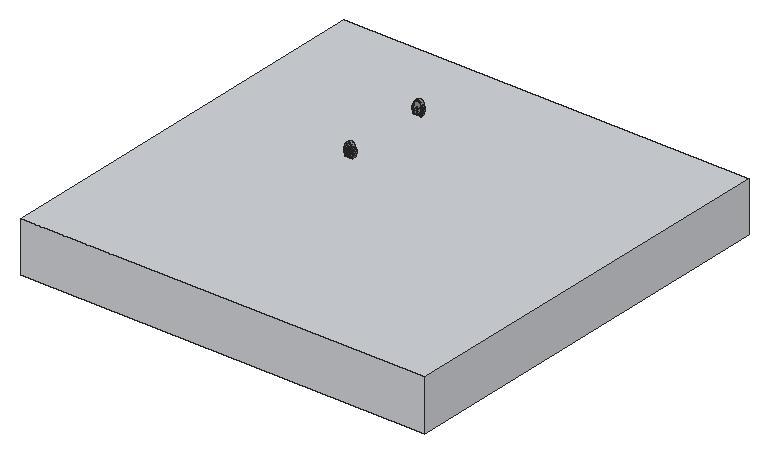
Revit family "Trade II Easy Lock", category Обобщенные модели, Revit 2017
Family settings
  Основа = Грань
  Может служить основой для арматурных стержней = Нет
  Размер круглого соединителя = Использовать диаметр
  Тип детали = Нормальный
  При загрузке вырезать с полостями = Нет
  Общий = Нет
  Точка расчета площади = Нет
Parameters
  Расстояние от светильника до плоскости = Расстояние до плоскости + 72 mm  # 422 mm
  Расстояние до плоскости = 350 mm
  Default Elevation = 1219.2 mm
  Начало профиля = 249.976 mm
  Конец профиля = 250.024 mm
Reference planes
  plane 1 "По центру (Вперед/Назад)": y = 0
  plane 2: z = 0
  plane 3 "По центру (Влево/Вправо)": x = 0
  plane 4 "Плоскость низа светильника": z = 350
Forms (mm)
  Extrusion 1, solid
    sketch origin (0, 0, 0) x (1, 0, 0) y (0, 1, 0)
      loop
        line (-1219.2, 1219.2) -> (-1219.2, -1219.2) -> (1219.2, -1219.2) -> (1219.2, 1219.2) -> (-1219.2, 1219.2)
    from 0 to -304.8
  Extrusion 2, solid, material "Поликарбонат, прозрачный"
    sketch origin (0, -398.223, 350) x (0, -1, 0) y (1, 0, 0)
      loop
        line (-148.236, -5.649) -> (-130.236, -5.649) -> (-130.236, 5.625) -> (-148.236, 5.625) -> (-148.236, -5.649)
      loop
        line (-648.236, 5.625) -> (-666.236, 5.625) -> (-666.236, -5.649) -> (-648.236, -5.649) -> (-648.236, 5.625)
    from 0 to -2
  Extrusion 3, solid, material "Поликарбонат, прозрачный"
    sketch origin (5.625, 268.013, 350) x (-1, 0, 0) y (0, 0, 1)
      loop
        arc (28.697, 49.657) -> (21.525, 65.194) -> (5.63, 71.533) r 23.1
        arc (5.63, 71.533) -> (-10.266, 65.194) -> (-17.438, 49.657) r 23.1
        arc (-17.438, 49.657) -> (-19.62, 45.831) -> (-19.639, 41.427) r 8.666
        arc (-19.639, 41.427) -> (-19.083, 38.06) -> (-21.255, 35.429) r 4.12
        line (-21.255, 35.429) -> (-24.425, 33.883)
        arc (-24.425, 33.883) -> (-25.811, 32.581) -> (-26.322, 30.75) r 3.536
        line (-26.322, 30.75) -> (-26.322, 22.479) -> (-26.322, 14.208)
        arc (-26.322, 14.208) -> (-25.811, 12.377) -> (-24.425, 11.075) r 3.536
        line (-24.425, 11.075) -> (-21.249, 9.534)
        arc (-21.249, 9.534) -> (-19.072, 6.893) -> (-19.641, 3.519) r 4.12
        arc (-19.641, 3.519) -> (-20.809, -0.574) -> (-19.361, -4.575) r 6.919
        arc (-19.361, -4.575) -> (-18.366, -6.977) -> (-15.964, -7.972) r 3.397
        line (-15.964, -7.972) -> (0.973, -7.972)
        arc (0.973, -7.972) -> (1.694, -7.673) -> (1.993, -6.952) r 1.02
        line (1.993, -6.952) -> (1.993, -2) -> (-0.007, -2) -> (-0.007, -5.972) -> (-15.964, -5.972)
        arc (-15.964, -5.972) -> (-16.714, -5.754) -> (-17.229, -5.168) r 1.397
        arc (-17.229, -5.168) -> (-17.414, -4.504) -> (-17.37, -3.815) r 2.071
        arc (-17.37, -3.815) -> (-18.79, -0.816) -> (-17.982, 2.402) r 4.919
        arc (-17.982, 2.402) -> (-17.141, 7.413) -> (-20.375, 11.333) r 6.12
        line (-20.375, 11.333) -> (-23.519, 12.859)
        arc (-23.519, 12.859) -> (-24.106, 13.423) -> (-24.322, 14.208) r 1.536
        line (-24.322, 14.208) -> (-24.322, 22.479) -> (-24.322, 30.75)
        arc (-24.322, 30.75) -> (-24.106, 31.536) -> (-23.518, 32.1) r 1.536
        line (-23.518, 32.1) -> (-20.378, 33.631)
        arc (-20.378, 33.631) -> (-17.207, 37.349) -> (-17.768, 42.204) r 6.12
        arc (-17.768, 42.204) -> (-17.537, 45.801) -> (-15.468, 48.752) r 6.666
        arc (-15.468, 48.752) -> (-9.177, 63.465) -> (5.63, 69.533) r 21.1
        arc (5.63, 69.533) -> (20.437, 63.465) -> (26.728, 48.752) r 21.1
        arc (26.728, 48.752) -> (28.797, 45.801) -> (29.028, 42.204) r 6.666
        arc (29.028, 42.204) -> (28.466, 37.349) -> (31.638, 33.631) r 6.12
        line (31.638, 33.631) -> (34.778, 32.1)
        arc (34.778, 32.1) -> (35.366, 31.536) -> (35.582, 30.75) r 1.536
        line (35.582, 30.75) -> (35.582, 22.479) -> (35.582, 14.208)
        arc (35.582, 14.208) -> (35.366, 13.423) -> (34.779, 12.859) r 1.536
        line (34.779, 12.859) -> (31.635, 11.333)
        arc (31.635, 11.333) -> (28.401, 7.413) -> (29.242, 2.402) r 6.12
        arc (29.242, 2.402) -> (30.05, -0.816) -> (28.63, -3.815) r 4.919
        arc (28.63, -3.815) -> (28.674, -4.504) -> (28.489, -5.168) r 2.071
        arc (28.489, -5.168) -> (27.974, -5.754) -> (27.224, -5.972) r 1.397
        line (27.224, -5.972) -> (11.267, -5.972) -> (11.267, -2) -> (9.267, -2) -> (9.267, -6.952)
        arc (9.267, -6.952) -> (9.566, -7.673) -> (10.287, -7.972) r 1.02
        line (10.287, -7.972) -> (27.224, -7.972)
        arc (27.224, -7.972) -> (29.626, -6.977) -> (30.621, -4.575) r 3.397
        arc (30.621, -4.575) -> (32.069, -0.574) -> (30.901, 3.519) r 6.919
        arc (30.901, 3.519) -> (30.332, 6.893) -> (32.509, 9.534) r 4.12
        line (32.509, 9.534) -> (35.685, 11.075)
        arc (35.685, 11.075) -> (37.071, 12.377) -> (37.582, 14.208) r 3.536
        line (37.582, 14.208) -> (37.582, 22.479) -> (37.582, 30.75)
        arc (37.582, 30.75) -> (37.071, 32.581) -> (35.685, 33.883) r 3.536
        line (35.685, 33.883) -> (32.515, 35.429)
        arc (32.515, 35.429) -> (30.343, 38.06) -> (30.899, 41.427) r 4.12
        arc (30.899, 41.427) -> (30.88, 45.831) -> (28.697, 49.657) r 8.666
    from 0 to -18
  Extrusion 4, solid, material "Каучук, черный"
    sketch origin (5.625, 250.013, 350) x (1, 0, 0) y (0, 0, 1)
      loop
        line (15.644, 22.479) -> (15.644, 27.454)
        arc (15.644, 27.454) -> (15.416, 28.602) -> (14.765, 29.576) r 3
        line (14.765, 29.576) -> (8.99, 35.35)
        arc (8.99, 35.35) -> (8.017, 36.001) -> (6.869, 36.229) r 3
        line (6.869, 36.229) -> (0.949, 36.229)
        arc (0.949, 36.229) -> (-1.526, 35.204) -> (-2.551, 32.729) r 3.5
        line (-2.551, 32.729) -> (-2.551, 22.479) -> (-2.551, 12.229)
        arc (-2.551, 12.229) -> (-1.526, 9.754) -> (0.949, 8.729) r 3.5
        line (0.949, 8.729) -> (6.869, 8.729)
        arc (6.869, 8.729) -> (8.017, 8.957) -> (8.99, 9.608) r 3
        line (8.99, 9.608) -> (14.765, 15.382)
        arc (14.765, 15.382) -> (15.416, 16.356) -> (15.644, 17.504) r 3
        line (15.644, 17.504) -> (15.644, 22.479)
      loop
        line (7.445, 30.435) -> (0.889, 30.435) -> (0.889, 27.559) -> (7.445, 27.559) -> (7.445, 30.435)
      loop
        line (7.445, 14.523) -> (7.445, 17.399) -> (0.889, 17.399) -> (0.889, 14.523) -> (7.445, 14.523)
      loop
        line (12.774, 21.041) -> (12.774, 23.917) -> (6.218, 23.917) -> (6.218, 21.041) -> (12.774, 21.041)
      loop
        line (-26.918, 22.479) -> (-26.918, 17.504)
        arc (-26.918, 17.504) -> (-26.689, 16.356) -> (-26.039, 15.382) r 3
        line (-26.039, 15.382) -> (-20.264, 9.608)
        arc (-20.264, 9.608) -> (-19.291, 8.957) -> (-18.143, 8.729) r 3
        line (-18.143, 8.729) -> (-12.223, 8.729)
        arc (-12.223, 8.729) -> (-9.748, 9.754) -> (-8.723, 12.229) r 3.5
        line (-8.723, 12.229) -> (-8.723, 22.479) -> (-8.723, 32.729)
        arc (-8.723, 32.729) -> (-9.748, 35.204) -> (-12.223, 36.229) r 3.5
        line (-12.223, 36.229) -> (-18.143, 36.229)
        arc (-18.143, 36.229) -> (-19.291, 36.001) -> (-20.264, 35.35) r 3
        line (-20.264, 35.35) -> (-26.039, 29.576)
        arc (-26.039, 29.576) -> (-26.689, 28.602) -> (-26.918, 27.454) r 3
        line (-26.918, 27.454) -> (-26.918, 22.479)
      loop
        line (-18.719, 30.435) -> (-18.719, 27.559) -> (-12.163, 27.559) -> (-12.163, 30.435) -> (-18.719, 30.435)
      loop
        line (-18.719, 14.523) -> (-12.163, 14.523) -> (-12.163, 17.399) -> (-18.719, 17.399) -> (-18.719, 14.523)
      loop
        line (-24.048, 21.041) -> (-17.491, 21.041) -> (-17.491, 23.917) -> (-24.048, 23.917) -> (-24.048, 21.041)
    from -1 to -15
  Extrusion 5, solid, material "Поликарбонат, прозрачный"
    sketch origin (5.625, 250.013, 350) x (1, 0, 0) y (0, 0, 1)
      loop
        arc (15.461, 48.752) -> (9.17, 63.465) -> (-5.637, 69.533) r 21.1
        arc (-5.637, 69.533) -> (-20.444, 63.465) -> (-26.734, 48.752) r 21.1
        arc (-26.734, 48.752) -> (-28.804, 45.801) -> (-29.035, 42.204) r 6.666
        arc (-29.035, 42.204) -> (-28.473, 37.349) -> (-31.645, 33.631) r 6.12
        line (-31.645, 33.631) -> (-34.785, 32.1)
        arc (-34.785, 32.1) -> (-35.373, 31.536) -> (-35.589, 30.75) r 1.536
        line (-35.589, 30.75) -> (-35.589, 22.479) -> (-35.589, 14.208)
        arc (-35.589, 14.208) -> (-35.373, 13.423) -> (-34.786, 12.859) r 1.536
        line (-34.786, 12.859) -> (-31.642, 11.333)
        arc (-31.642, 11.333) -> (-28.408, 7.413) -> (-29.249, 2.402) r 6.12
        arc (-29.249, 2.402) -> (-30.057, -0.816) -> (-28.637, -3.815) r 4.919
        arc (-28.637, -3.815) -> (-28.681, -4.504) -> (-28.496, -5.168) r 2.071
        arc (-28.496, -5.168) -> (-27.981, -5.754) -> (-27.231, -5.972) r 1.397
        line (-27.231, -5.972) -> (-11.274, -5.972) -> (-11.274, 0) -> (-5.637, 0) -> (0, 0) -> (0, -5.972) -> (15.957, -5.972)
        arc (15.957, -5.972) -> (16.707, -5.754) -> (17.222, -5.168) r 1.397
        arc (17.222, -5.168) -> (17.407, -4.504) -> (17.363, -3.815) r 2.071
        arc (17.363, -3.815) -> (18.783, -0.816) -> (17.975, 2.402) r 4.919
        arc (17.975, 2.402) -> (17.134, 7.413) -> (20.368, 11.333) r 6.12
        line (20.368, 11.333) -> (23.512, 12.859)
        arc (23.512, 12.859) -> (24.099, 13.423) -> (24.315, 14.208) r 1.536
        line (24.315, 14.208) -> (24.315, 22.479) -> (24.315, 30.75)
        arc (24.315, 30.75) -> (24.099, 31.536) -> (23.511, 32.1) r 1.536
        line (23.511, 32.1) -> (20.371, 33.631)
        arc (20.371, 33.631) -> (17.2, 37.349) -> (17.761, 42.204) r 6.12
        arc (17.761, 42.204) -> (17.53, 45.801) -> (15.461, 48.752) r 6.666
    from 0 to -1
  Extrusion 6, solid, material "Поликарбонат, прозрачный"
    sketch origin (-5.649, -267.987, 350) x (1, 0, 0) y (0, 0, 1)
      loop
        arc (-17.424, 49.657) -> (-19.606, 45.831) -> (-19.625, 41.427) r 8.666
        arc (-19.625, 41.427) -> (-19.069, 38.06) -> (-21.241, 35.429) r 4.12
        line (-21.241, 35.429) -> (-24.411, 33.883)
        arc (-24.411, 33.883) -> (-25.797, 32.581) -> (-26.308, 30.75) r 3.536
        line (-26.308, 30.75) -> (-26.308, 22.479) -> (-26.308, 14.208)
        arc (-26.308, 14.208) -> (-25.797, 12.377) -> (-24.411, 11.075) r 3.536
        line (-24.411, 11.075) -> (-21.236, 9.534)
        arc (-21.236, 9.534) -> (-19.059, 6.893) -> (-19.627, 3.519) r 4.12
        arc (-19.627, 3.519) -> (-20.796, -0.574) -> (-19.347, -4.575) r 6.919
        arc (-19.347, -4.575) -> (-18.352, -6.977) -> (-15.951, -7.972) r 3.397
        line (-15.951, -7.972) -> (0.987, -7.972)
        arc (0.987, -7.972) -> (1.708, -7.673) -> (2.007, -6.952) r 1.02
        line (2.007, -6.952) -> (2.007, -2) -> (0.007, -2) -> (0.007, -5.972) -> (-15.951, -5.972)
        arc (-15.951, -5.972) -> (-16.7, -5.754) -> (-17.215, -5.168) r 1.397
        arc (-17.215, -5.168) -> (-17.4, -4.504) -> (-17.356, -3.815) r 2.071
        arc (-17.356, -3.815) -> (-18.776, -0.816) -> (-17.968, 2.402) r 4.919
        arc (-17.968, 2.402) -> (-17.127, 7.413) -> (-20.361, 11.333) r 6.12
        line (-20.361, 11.333) -> (-23.505, 12.859)
        arc (-23.505, 12.859) -> (-24.092, 13.423) -> (-24.308, 14.208) r 1.536
        line (-24.308, 14.208) -> (-24.308, 22.479) -> (-24.308, 30.75)
        arc (-24.308, 30.75) -> (-24.092, 31.536) -> (-23.504, 32.1) r 1.536
        line (-23.504, 32.1) -> (-20.364, 33.631)
        arc (-20.364, 33.631) -> (-17.193, 37.349) -> (-17.754, 42.204) r 6.12
        arc (-17.754, 42.204) -> (-17.523, 45.801) -> (-15.454, 48.752) r 6.666
        arc (-15.454, 48.752) -> (-9.163, 63.465) -> (5.644, 69.533) r 21.1
        arc (5.644, 69.533) -> (20.451, 63.465) -> (26.741, 48.752) r 21.1
        arc (26.741, 48.752) -> (28.811, 45.801) -> (29.042, 42.204) r 6.666
        arc (29.042, 42.204) -> (28.48, 37.349) -> (31.652, 33.631) r 6.12
        line (31.652, 33.631) -> (34.792, 32.1)
        arc (34.792, 32.1) -> (35.38, 31.536) -> (35.596, 30.75) r 1.536
        line (35.596, 30.75) -> (35.596, 22.479) -> (35.596, 14.208)
        arc (35.596, 14.208) -> (35.38, 13.423) -> (34.793, 12.859) r 1.536
        line (34.793, 12.859) -> (31.649, 11.333)
        arc (31.649, 11.333) -> (28.415, 7.413) -> (29.256, 2.402) r 6.12
        arc (29.256, 2.402) -> (30.064, -0.816) -> (28.644, -3.815) r 4.919
        arc (28.644, -3.815) -> (28.688, -4.504) -> (28.503, -5.168) r 2.071
        arc (28.503, -5.168) -> (27.988, -5.754) -> (27.238, -5.972) r 1.397
        line (27.238, -5.972) -> (11.281, -5.972) -> (11.281, -2) -> (9.281, -2) -> (9.281, -6.952)
        arc (9.281, -6.952) -> (9.579, -7.673) -> (10.301, -7.972) r 1.02
        line (10.301, -7.972) -> (27.238, -7.972)
        arc (27.238, -7.972) -> (29.64, -6.977) -> (30.635, -4.575) r 3.397
        arc (30.635, -4.575) -> (32.083, -0.574) -> (30.915, 3.519) r 6.919
        arc (30.915, 3.519) -> (30.346, 6.893) -> (32.523, 9.534) r 4.12
        line (32.523, 9.534) -> (35.699, 11.075)
        arc (35.699, 11.075) -> (37.085, 12.377) -> (37.596, 14.208) r 3.536
        line (37.596, 14.208) -> (37.596, 22.479) -> (37.596, 30.75)
        arc (37.596, 30.75) -> (37.085, 32.581) -> (35.699, 33.883) r 3.536
        line (35.699, 33.883) -> (32.529, 35.429)
        arc (32.529, 35.429) -> (30.357, 38.06) -> (30.913, 41.427) r 4.12
        arc (30.913, 41.427) -> (30.894, 45.831) -> (28.711, 49.657) r 8.666
        arc (28.711, 49.657) -> (21.539, 65.194) -> (5.644, 71.533) r 23.1
        arc (5.644, 71.533) -> (-10.252, 65.194) -> (-17.424, 49.657) r 23.1
    from 0 to -18
  Extrusion 7, solid, material "Поликарбонат, прозрачный"
    sketch origin (-5.649, -249.987, 350) x (1, 0, 0) y (0, 0, -1)
      loop
        line (11.281, 5.972) -> (11.274, 2) -> (11.274, 0) -> (0, 0) -> (0.007, 2) -> (0.007, 5.972) -> (-15.951, 5.972)
        arc (-15.951, 5.972) -> (-16.7, 5.754) -> (-17.215, 5.168) r 1.397
        arc (-17.215, 5.168) -> (-17.4, 4.504) -> (-17.356, 3.815) r 2.071
        arc (-17.356, 3.815) -> (-18.776, 0.816) -> (-17.968, -2.402) r 4.919
        arc (-17.968, -2.402) -> (-17.127, -7.413) -> (-20.361, -11.333) r 6.12
        line (-20.361, -11.333) -> (-23.505, -12.859)
        arc (-23.505, -12.859) -> (-24.092, -13.423) -> (-24.308, -14.208) r 1.536
        line (-24.308, -14.208) -> (-24.308, -22.479) -> (-24.308, -30.75)
        arc (-24.308, -30.75) -> (-24.092, -31.536) -> (-23.504, -32.1) r 1.536
        line (-23.504, -32.1) -> (-20.364, -33.631)
        arc (-20.364, -33.631) -> (-17.193, -37.349) -> (-17.754, -42.204) r 6.12
        arc (-17.754, -42.204) -> (-17.523, -45.801) -> (-15.454, -48.752) r 6.666
        arc (-15.454, -48.752) -> (-9.163, -63.465) -> (5.644, -69.533) r 21.1
        arc (5.644, -69.533) -> (20.451, -63.465) -> (26.741, -48.752) r 21.1
        arc (26.741, -48.752) -> (28.811, -45.801) -> (29.042, -42.204) r 6.666
        arc (29.042, -42.204) -> (28.48, -37.349) -> (31.652, -33.631) r 6.12
        line (31.652, -33.631) -> (34.792, -32.1)
        arc (34.792, -32.1) -> (35.38, -31.536) -> (35.596, -30.75) r 1.536
        line (35.596, -30.75) -> (35.596, -22.479) -> (35.596, -14.208)
        arc (35.596, -14.208) -> (35.38, -13.423) -> (34.793, -12.859) r 1.536
        line (34.793, -12.859) -> (31.649, -11.333)
        arc (31.649, -11.333) -> (28.415, -7.413) -> (29.256, -2.402) r 6.12
        arc (29.256, -2.402) -> (30.064, 0.816) -> (28.644, 3.815) r 4.919
        arc (28.644, 3.815) -> (28.688, 4.504) -> (28.503, 5.168) r 2.071
        arc (28.503, 5.168) -> (27.988, 5.754) -> (27.238, 5.972) r 1.397
        line (27.238, 5.972) -> (11.281, 5.972)
    from 0 to -1
  Extrusion 8, solid, material "Каучук, черный"
    sketch origin (-5.649, -267.987, 350) x (1, 0, 0) y (0, 0, 1)
      loop
        line (-15.644, 22.479) -> (-15.644, 17.504)
        arc (-15.644, 17.504) -> (-15.416, 16.356) -> (-14.765, 15.382) r 3
        line (-14.765, 15.382) -> (-8.99, 9.608)
        arc (-8.99, 9.608) -> (-8.017, 8.957) -> (-6.869, 8.729) r 3
        line (-6.869, 8.729) -> (-0.949, 8.729)
        arc (-0.949, 8.729) -> (1.526, 9.754) -> (2.551, 12.229) r 3.5
        line (2.551, 12.229) -> (2.551, 22.479) -> (2.551, 32.729)
        arc (2.551, 32.729) -> (1.526, 35.204) -> (-0.949, 36.229) r 3.5
        line (-0.949, 36.229) -> (-6.869, 36.229)
        arc (-6.869, 36.229) -> (-8.017, 36.001) -> (-8.99, 35.35) r 3
        line (-8.99, 35.35) -> (-14.765, 29.576)
        arc (-14.765, 29.576) -> (-15.416, 28.602) -> (-15.644, 27.454) r 3
        line (-15.644, 27.454) -> (-15.644, 22.479)
      loop
        arc (-6.778, 34.029) -> (-7.168, 33.951) -> (-7.499, 33.73) r 1.021
        line (-7.499, 33.73) -> (-13.103, 28.126)
        arc (-13.103, 28.126) -> (-13.355, 27.749) -> (-13.444, 27.304) r 1.162
        line (-13.444, 27.304) -> (-13.444, 22.479) -> (-13.444, 17.654)
        arc (-13.444, 17.654) -> (-13.355, 17.209) -> (-13.103, 16.832) r 1.162
        line (-13.103, 16.832) -> (-7.499, 11.228)
        arc (-7.499, 11.228) -> (-7.168, 11.007) -> (-6.778, 10.929) r 1.021
        line (-6.778, 10.929) -> (-0.949, 10.929)
        arc (-0.949, 10.929) -> (-0.03, 11.31) -> (0.351, 12.229) r 1.3
        line (0.351, 12.229) -> (0.351, 22.479) -> (0.351, 32.729)
        arc (0.351, 32.729) -> (-0.03, 33.648) -> (-0.949, 34.029) r 1.3
        line (-0.949, 34.029) -> (-6.778, 34.029)
      loop
        line (26.918, 22.479) -> (26.918, 27.454)
        arc (26.918, 27.454) -> (26.689, 28.602) -> (26.039, 29.576) r 3
        line (26.039, 29.576) -> (20.264, 35.35)
        arc (20.264, 35.35) -> (19.291, 36.001) -> (18.143, 36.229) r 3
        line (18.143, 36.229) -> (12.223, 36.229)
        arc (12.223, 36.229) -> (9.748, 35.204) -> (8.723, 32.729) r 3.5
        line (8.723, 32.729) -> (8.723, 22.479) -> (8.723, 12.229)
        arc (8.723, 12.229) -> (9.748, 9.754) -> (12.223, 8.729) r 3.5
        line (12.223, 8.729) -> (18.143, 8.729)
        arc (18.143, 8.729) -> (19.291, 8.957) -> (20.264, 9.608) r 3
        line (20.264, 9.608) -> (26.039, 15.382)
        arc (26.039, 15.382) -> (26.689, 16.356) -> (26.918, 17.504) r 3
        line (26.918, 17.504) -> (26.918, 22.479)
      loop
        line (18.051, 34.029) -> (12.223, 34.029)
        arc (12.223, 34.029) -> (11.303, 33.648) -> (10.923, 32.729) r 1.3
        line (10.923, 32.729) -> (10.923, 22.479) -> (10.923, 12.229)
        arc (10.923, 12.229) -> (11.303, 11.31) -> (12.223, 10.929) r 1.3
        line (12.223, 10.929) -> (18.051, 10.929)
        arc (18.051, 10.929) -> (18.442, 11.007) -> (18.773, 11.228) r 1.021
        line (18.773, 11.228) -> (24.377, 16.832)
        arc (24.377, 16.832) -> (24.629, 17.209) -> (24.718, 17.654) r 1.162
        line (24.718, 17.654) -> (24.718, 22.479) -> (24.718, 27.304)
        arc (24.718, 27.304) -> (24.629, 27.749) -> (24.377, 28.126) r 1.162
        line (24.377, 28.126) -> (18.773, 33.73)
        arc (18.773, 33.73) -> (18.442, 33.951) -> (18.051, 34.029) r 1.021
    from -1 to -15
  Extrusion 9, solid, material "Алюминий"
    sketch origin (-5.649, -267.987, 350) x (1, 0, 0) y (0, 0, 1)
      loop
        line (-11.974, 21.841) -> (-7.018, 21.841) -> (-7.018, 23.117) -> (-11.974, 23.117) -> (-11.974, 21.841)
      loop
        line (-6.645, 16.599) -> (-6.645, 15.323) -> (-1.689, 15.323) -> (-1.689, 16.599) -> (-6.645, 16.599)
      loop
        line (-1.689, 28.359) -> (-1.689, 29.635) -> (-6.645, 29.635) -> (-6.645, 28.359) -> (-1.689, 28.359)
      loop
        line (23.248, 21.841) -> (23.248, 23.117) -> (18.291, 23.117) -> (18.291, 21.841) -> (23.248, 21.841)
      loop
        line (17.919, 16.599) -> (12.963, 16.599) -> (12.963, 15.323) -> (17.919, 15.323) -> (17.919, 16.599)
      loop
        line (12.963, 28.359) -> (17.919, 28.359) -> (17.919, 29.635) -> (12.963, 29.635) -> (12.963, 28.359)
    from -1 to -15
Dimensions and locks
  "Расстояние до плоскости": plane 4 "Плоскость низа светильника" to Extrusion 1
  aligned and locked: plane 2 to Extrusion 1
  aligned and locked: level to Extrusion 1
Automatic sketch dimensions
  Extrusion 1 sketch curve to Extrusion 1 sketch curve = 2438.4 mm  (x2)
  plane 3 "По центру (Влево/Вправо)" to Extrusion 2 sketch curve = 5.625 mm  (x2)
  Extrusion 2 sketch curve to plane 1 "По центру (Вперед/Назад)" = 268.013 mm
  Extrusion 2 sketch curve to plane 3 "По центру (Влево/Вправо)" = 5.649 mm  (x2)
  Extrusion 2 sketch curve to Extrusion 2 sketch curve = 18 mm  (x2)
  plane 1 "По центру (Вперед/Назад)" to Extrusion 2 sketch curve = 249.987 mm
  Extrusion 3 sketch curve to Extrusion 3 sketch curve = 0 mm  (x43)
  Extrusion 3 sketch curve to Extrusion 2 = 0 mm  (x2)
  Extrusion 3 sketch curve to Extrusion 2 = 14.208 mm
  Extrusion 2 to Extrusion 3 sketch curve = 26.322 mm
  Extrusion 3 sketch curve to Extrusion 3 sketch curve = 1.897 mm  (x2)
  Extrusion 3 sketch curve to Extrusion 2 = 11.075 mm  (x2)
  Extrusion 3 sketch curve to Extrusion 3 sketch curve = 2 mm  (x2)
  Extrusion 3 sketch curve to Extrusion 2 = 12.859 mm
  Extrusion 3 sketch curve to Extrusion 3 sketch curve = 0.804 mm
  Extrusion 3 sketch curve to Extrusion 3 sketch curve = 1.364 mm
  Extrusion 3 sketch curve to Extrusion 3 sketch curve = 1.372 mm
  Extrusion 3 sketch curve to Extrusion 3 sketch curve = 0.731 mm  (x2)
  Extrusion 3 sketch curve to Extrusion 3 sketch curve = 3.17 mm
  Extrusion 3 sketch curve to Extrusion 2 = 9.534 mm  (x2)
  Extrusion 3 sketch curve to Extrusion 3 sketch curve = 3.176 mm
  Extrusion 3 sketch curve to Extrusion 3 sketch curve = 0.877 mm  (x2)
  Extrusion 3 sketch curve to Extrusion 2 = 11.333 mm
  Extrusion 3 sketch curve to Extrusion 3 sketch curve = 0.874 mm  (x2)
  Extrusion 3 sketch curve to Extrusion 2 = 2.575 mm
  Extrusion 3 sketch curve to Extrusion 3 sketch curve = 7.088 mm
  Extrusion 3 sketch curve to Extrusion 3 sketch curve = 0.611 mm  (x2)
  Extrusion 2 to Extrusion 3 sketch curve = 0.334 mm  (x2)
  Extrusion 3 sketch curve to Extrusion 3 sketch curve = 1.459 mm  (x2)
  Extrusion 2 to Extrusion 3 sketch curve = 11.248 mm
  Extrusion 2 to Extrusion 3 sketch curve = 0.007 mm
  Extrusion 3 sketch curve to Extrusion 2 = 0.973 mm
  Extrusion 3 sketch curve to Extrusion 2 = 1.993 mm
  Extrusion 3 sketch curve to Extrusion 2 = 5.63 mm
  Extrusion 3 sketch curve to Extrusion 2 = 2.007 mm
  Extrusion 3 sketch curve to Extrusion 2 = 0.987 mm
  Extrusion 3 sketch curve to Extrusion 2 = 0.007 mm
  Extrusion 2 to Extrusion 3 sketch curve = 11.234 mm
  Extrusion 2 to Extrusion 3 sketch curve = 13.881 mm
  Extrusion 3 sketch curve to Extrusion 2 = 2.289 mm
  Extrusion 3 sketch curve to Extrusion 3 sketch curve = 6.48 mm
  Extrusion 3 sketch curve to Extrusion 3 sketch curve = 9.13 mm
  Extrusion 3 sketch curve to Extrusion 3 sketch curve = 2.412 mm
  Extrusion 3 sketch curve to Extrusion 3 sketch curve = 2.408 mm
  Extrusion 3 sketch curve to Extrusion 3 sketch curve = 1.804 mm
  Extrusion 3 sketch curve to Extrusion 3 sketch curve = 1.806 mm
  Extrusion 3 sketch curve to Extrusion 3 sketch curve = 0.732 mm
  Extrusion 3 sketch curve to Extrusion 3 sketch curve = 1.536 mm
  Extrusion 3 sketch curve to Extrusion 3 sketch curve = 0.906 mm
  Extrusion 3 sketch curve to Extrusion 3 sketch curve = 0.907 mm
  Extrusion 3 sketch curve to Extrusion 2 = 3.972 mm
  Extrusion 3 sketch curve to Extrusion 3 sketch curve = 1.683 mm
  Extrusion 3 sketch curve to Extrusion 3 sketch curve = 0.98 mm  (x2)
  Extrusion 3 sketch curve to Extrusion 3 sketch curve = 0.286 mm  (x2)
  Extrusion 3 sketch curve to Extrusion 3 sketch curve = 3.705 mm  (x2)
  Extrusion 3 sketch curve to Extrusion 3 sketch curve = 1.799 mm
  Extrusion 3 sketch curve to Extrusion 3 sketch curve = 8.271 mm  (x4)
  Extrusion 3 sketch curve to Extrusion 3 sketch curve = 1.531 mm  (x2)
  Extrusion 3 sketch curve to Extrusion 3 sketch curve = 1.798 mm  (x2)
  Extrusion 3 sketch curve to Extrusion 3 sketch curve = 3.703 mm  (x2)
  Extrusion 3 sketch curve to Extrusion 3 sketch curve = 4.46 mm  (x2)
  Extrusion 3 sketch curve to Extrusion 3 sketch curve = 4.841 mm
  Extrusion 3 sketch curve to Extrusion 3 sketch curve = 3.422 mm
  Extrusion 3 sketch curve to Extrusion 3 sketch curve = 1.659 mm
  Extrusion 3 sketch curve to Extrusion 3 sketch curve = 1.871 mm
  Extrusion 3 sketch curve to Extrusion 3 sketch curve = 0.331 mm
  Extrusion 3 sketch curve to Extrusion 3 sketch curve = 0.141 mm  (x2)
  Extrusion 3 sketch curve to Extrusion 3 sketch curve = 1.97 mm  (x2)
  Extrusion 3 sketch curve to Extrusion 3 sketch curve = 4.219 mm
  Extrusion 3 to Extrusion 4 sketch curve = 8.664 mm
  Extrusion 4 sketch curve to Extrusion 4 sketch curve = 0.879 mm  (x4)
  Extrusion 4 sketch curve to Extrusion 4 sketch curve = 2.87 mm  (x2)
  Extrusion 4 sketch curve to Extrusion 4 sketch curve = 3 mm  (x2)
  Extrusion 4 sketch curve to Extrusion 4 sketch curve = 5.775 mm  (x2)
  Extrusion 4 sketch curve to Extrusion 4 sketch curve = 5.199 mm  (x4)
  Extrusion 4 sketch curve to Extrusion 4 sketch curve = 2.121 mm  (x5)
  Extrusion 4 sketch curve to Extrusion 4 sketch curve = 0.576 mm  (x2)
  Extrusion 4 sketch curve to Extrusion 4 sketch curve = 1.228 mm  (x2)
  Extrusion 3 to Extrusion 4 sketch curve = 0.956 mm  (x2)
  Extrusion 3 to Extrusion 4 sketch curve = 0.896 mm  (x2)
  Extrusion 3 to Extrusion 4 sketch curve = 0.544 mm
  Extrusion 3 to Extrusion 4 sketch curve = 0.558 mm
  Extrusion 3 to Extrusion 4 sketch curve = 0.882 mm  (x2)
  Extrusion 3 to Extrusion 4 sketch curve = 0.942 mm  (x2)
  Extrusion 3 to Extrusion 4 sketch curve = 6.211 mm
  Extrusion 4 sketch curve to Extrusion 4 sketch curve = 5.92 mm  (x2)
  Extrusion 4 sketch curve to Extrusion 4 sketch curve = 0.13 mm
  Extrusion 3 to Extrusion 4 sketch curve = 10.729 mm  (x2)
  Extrusion 4 sketch curve to Extrusion 4 sketch curve = 2.795 mm  (x4)
  Extrusion 4 sketch curve to Extrusion 4 sketch curve = 0.859 mm  (x2)
  Extrusion 4 sketch curve to Extrusion 4 sketch curve = 2.876 mm  (x6)
  Extrusion 4 sketch curve to Extrusion 4 sketch curve = 3.538 mm  (x4)
  Extrusion 4 sketch curve to Extrusion 4 sketch curve = 1.438 mm  (x2)
  Extrusion 4 sketch curve to Extrusion 4 sketch curve = 5.08 mm  (x3)
  Extrusion 4 sketch curve to Extrusion 4 sketch curve = 3.642 mm
  Extrusion 4 sketch curve to Extrusion 4 sketch curve = 2.295 mm  (x2)
  Extrusion 5 sketch curve to Extrusion 5 sketch curve = 0 mm  (x3)
  Extrusion 5 sketch curve to Extrusion 3 = 0 mm  (x2)
  Extrusion 5 sketch curve to Extrusion 3 = 0.007 mm  (x2)
  Extrusion 5 sketch curve to Extrusion 3 = 0.81 mm
  Extrusion 5 sketch curve to Extrusion 3 = 0.811 mm
  Extrusion 5 sketch curve to Extrusion 3 = 1.268 mm
  Extrusion 5 sketch curve to Extrusion 3 = 1.276 mm
  Extrusion 5 sketch curve to Extrusion 5 sketch curve = 0.731 mm
  Extrusion 5 sketch curve to Extrusion 5 sketch curve = 1.536 mm
  Extrusion 5 sketch curve to Extrusion 5 sketch curve = 3.14 mm
  Extrusion 5 sketch curve to Extrusion 5 sketch curve = 3.144 mm
  Extrusion 5 sketch curve to Extrusion 3 = 8.365 mm
  Extrusion 5 sketch curve to Extrusion 5 sketch curve = 0.611 mm  (x2)
  Extrusion 5 sketch curve to Extrusion 3 = 1.666 mm  (x2)
  Extrusion 5 sketch curve to Extrusion 5 sketch curve = 1.459 mm  (x2)
  Extrusion 5 sketch curve to Extrusion 3 = 11.234 mm
  Extrusion 3 to Extrusion 5 sketch curve = 0.007 mm  (x2)
  Extrusion 5 sketch curve to Extrusion 3 = 3.63 mm  (x2)
  Extrusion 5 sketch curve to Extrusion 3 = 11.248 mm
  Extrusion 5 sketch curve to Extrusion 3 = 10.42 mm
  Extrusion 5 sketch curve to Extrusion 3 = 1.683 mm
  Extrusion 5 sketch curve to Extrusion 3 = 3.94 mm
  Extrusion 5 sketch curve to Extrusion 3 = 3.937 mm
  Extrusion 5 sketch curve to Extrusion 3 = 1.529 mm  (x2)
  Extrusion 5 sketch curve to Extrusion 3 = 1.262 mm
  Extrusion 5 sketch curve to Extrusion 3 = 1.254 mm
  Extrusion 5 sketch curve to Extrusion 3 = 0.797 mm
  Extrusion 5 sketch curve to Extrusion 3 = 0.796 mm
  Extrusion 5 sketch curve to Extrusion 5 sketch curve = 1.397 mm
  Extrusion 5 sketch curve to Extrusion 5 sketch curve = 0.286 mm  (x2)
  Extrusion 5 sketch curve to Extrusion 3 = 2 mm
  Extrusion 5 sketch curve to Extrusion 3 = 7.829 mm  (x2)
  Extrusion 5 sketch curve to Extrusion 5 sketch curve = 5.503 mm  (x2)
  Extrusion 5 sketch curve to Extrusion 5 sketch curve = 1.526 mm  (x2)
  Extrusion 5 sketch curve to Extrusion 5 sketch curve = 8.271 mm  (x4)
  Extrusion 5 sketch curve to Extrusion 5 sketch curve = 1.531 mm  (x2)
  Extrusion 5 sketch curve to Extrusion 5 sketch curve = 5.501 mm  (x2)
  Extrusion 5 sketch curve to Extrusion 5 sketch curve = 4.46 mm  (x2)
  Extrusion 5 sketch curve to Extrusion 5 sketch curve = 4.841 mm
  Extrusion 5 sketch curve to Extrusion 3 = 4.402 mm
  Extrusion 5 sketch curve to Extrusion 5 sketch curve = 5.293 mm
  Extrusion 5 sketch curve to Extrusion 5 sketch curve = 0.141 mm  (x2)
  Extrusion 5 sketch curve to Extrusion 5 sketch curve = 4.219 mm  (x2)
  Extrusion 6 sketch curve to Extrusion 6 sketch curve = 0 mm  (x43)
  Extrusion 6 sketch curve to Extrusion 2 = 0 mm  (x2)
  Extrusion 2 to Extrusion 6 sketch curve = 26.308 mm
  Extrusion 6 sketch curve to Extrusion 6 sketch curve = 1.897 mm  (x2)
  Extrusion 6 sketch curve to Extrusion 2 = 11.075 mm  (x2)
  Extrusion 6 sketch curve to Extrusion 6 sketch curve = 2 mm  (x3)
  Extrusion 6 sketch curve to Extrusion 2 = 12.859 mm
  Extrusion 6 sketch curve to Extrusion 6 sketch curve = 0.803 mm
  Extrusion 6 sketch curve to Extrusion 6 sketch curve = 0.804 mm
  Extrusion 6 sketch curve to Extrusion 6 sketch curve = 1.364 mm
  Extrusion 6 sketch curve to Extrusion 6 sketch curve = 1.372 mm
  Extrusion 6 sketch curve to Extrusion 6 sketch curve = 1.536 mm  (x2)
  Extrusion 6 sketch curve to Extrusion 6 sketch curve = 3.17 mm
  Extrusion 6 sketch curve to Extrusion 2 = 9.534 mm
  Extrusion 6 sketch curve to Extrusion 6 sketch curve = 3.176 mm
  Extrusion 6 sketch curve to Extrusion 6 sketch curve = 0.877 mm  (x2)
  Extrusion 6 sketch curve to Extrusion 2 = 11.333 mm  (x2)
  Extrusion 6 sketch curve to Extrusion 6 sketch curve = 0.874 mm  (x2)
  Extrusion 6 sketch curve to Extrusion 2 = 2.575 mm
  Extrusion 6 sketch curve to Extrusion 6 sketch curve = 7.088 mm
  Extrusion 6 sketch curve to Extrusion 6 sketch curve = 0.611 mm  (x2)
  Extrusion 2 to Extrusion 6 sketch curve = 0.334 mm  (x2)
  Extrusion 6 sketch curve to Extrusion 6 sketch curve = 1.459 mm  (x2)
  Extrusion 2 to Extrusion 6 sketch curve = 11.234 mm
  Extrusion 6 sketch curve to Extrusion 2 = 0.007 mm
  Extrusion 6 sketch curve to Extrusion 2 = 0.987 mm
  Extrusion 6 sketch curve to Extrusion 2 = 5.63 mm
  Extrusion 6 sketch curve to Extrusion 2 = 1.993 mm
  Extrusion 6 sketch curve to Extrusion 2 = 0.973 mm
  Extrusion 2 to Extrusion 6 sketch curve = 0.007 mm
  Extrusion 2 to Extrusion 6 sketch curve = 11.248 mm
  Extrusion 2 to Extrusion 6 sketch curve = 13.895 mm
  Extrusion 6 sketch curve to Extrusion 2 = 2.289 mm
  Extrusion 6 sketch curve to Extrusion 6 sketch curve = 6.48 mm
  Extrusion 6 sketch curve to Extrusion 6 sketch curve = 9.13 mm
  Extrusion 6 sketch curve to Extrusion 6 sketch curve = 2.412 mm
  Extrusion 6 sketch curve to Extrusion 6 sketch curve = 2.408 mm
  Extrusion 6 sketch curve to Extrusion 6 sketch curve = 1.804 mm
  Extrusion 6 sketch curve to Extrusion 6 sketch curve = 1.806 mm
  Extrusion 6 sketch curve to Extrusion 6 sketch curve = 0.731 mm
  Extrusion 6 sketch curve to Extrusion 6 sketch curve = 0.732 mm
  Extrusion 6 sketch curve to Extrusion 6 sketch curve = 0.907 mm
  Extrusion 6 sketch curve to Extrusion 6 sketch curve = 0.906 mm
  Extrusion 6 sketch curve to Extrusion 6 sketch curve = 0.286 mm  (x2)
  Extrusion 6 sketch curve to Extrusion 2 = 3.972 mm
  Extrusion 6 sketch curve to Extrusion 6 sketch curve = 1.397 mm
  Extrusion 6 sketch curve to Extrusion 6 sketch curve = 0.98 mm  (x2)
  Extrusion 6 sketch curve to Extrusion 6 sketch curve = 5.246 mm
  Extrusion 6 sketch curve to Extrusion 6 sketch curve = 3.705 mm
  Extrusion 6 sketch curve to Extrusion 6 sketch curve = 1.799 mm
  Extrusion 6 sketch curve to Extrusion 6 sketch curve = 8.271 mm  (x4)
  Extrusion 6 sketch curve to Extrusion 6 sketch curve = 1.531 mm  (x2)
  Extrusion 6 sketch curve to Extrusion 6 sketch curve = 1.798 mm  (x2)
  Extrusion 6 sketch curve to Extrusion 6 sketch curve = 3.703 mm  (x2)
  Extrusion 6 sketch curve to Extrusion 6 sketch curve = 4.46 mm  (x2)
  Extrusion 6 sketch curve to Extrusion 6 sketch curve = 4.841 mm
  Extrusion 6 sketch curve to Extrusion 6 sketch curve = 3.422 mm
  Extrusion 6 sketch curve to Extrusion 6 sketch curve = 1.659 mm
  Extrusion 6 sketch curve to Extrusion 6 sketch curve = 1.871 mm
  Extrusion 6 sketch curve to Extrusion 6 sketch curve = 0.331 mm
  Extrusion 6 sketch curve to Extrusion 6 sketch curve = 0.141 mm  (x2)
  Extrusion 6 sketch curve to Extrusion 6 sketch curve = 1.97 mm  (x2)
  Extrusion 6 sketch curve to Extrusion 6 sketch curve = 4.219 mm
  Extrusion 7 sketch curve to Extrusion 7 sketch curve = 0 mm  (x4)
  Extrusion 7 sketch curve to Extrusion 2 = 0 mm  (x6)
  Extrusion 2 to Extrusion 7 sketch curve = 0 mm
  Extrusion 2 to Extrusion 7 sketch curve = 11.234 mm
  Extrusion 2 to Extrusion 7 sketch curve = 0.334 mm  (x2)
  Extrusion 2 to Extrusion 7 sketch curve = 13.881 mm
  Extrusion 7 sketch curve to Extrusion 7 sketch curve = 1.459 mm  (x2)
  Extrusion 7 sketch curve to Extrusion 7 sketch curve = 0.611 mm  (x2)
  Extrusion 7 sketch curve to Extrusion 7 sketch curve = 6.48 mm  (x2)
  Extrusion 7 sketch curve to Extrusion 7 sketch curve = 9.13 mm  (x2)
  Extrusion 7 sketch curve to Extrusion 7 sketch curve = 2.408 mm  (x2)
  Extrusion 7 sketch curve to Extrusion 7 sketch curve = 2.412 mm  (x2)
  Extrusion 7 sketch curve to Extrusion 7 sketch curve = 2.678 mm  (x2)
  Extrusion 7 sketch curve to Extrusion 7 sketch curve = 2.683 mm  (x2)
  Extrusion 7 sketch curve to Extrusion 7 sketch curve = 0.731 mm  (x2)
  Extrusion 7 sketch curve to Extrusion 2 = 12.859 mm  (x2)
  Extrusion 7 sketch curve to Extrusion 7 sketch curve = 0.732 mm  (x2)
  Extrusion 7 sketch curve to Extrusion 7 sketch curve = 1.536 mm  (x2)
  Extrusion 7 sketch curve to Extrusion 2 = 0.007 mm  (x2)
  Extrusion 2 to Extrusion 7 sketch curve = 5.63 mm
  Extrusion 7 sketch curve to Extrusion 2 = 11.248 mm
  Extrusion 7 sketch curve to Extrusion 2 = 13.895 mm
  Extrusion 7 sketch curve to Extrusion 7 sketch curve = 8.271 mm  (x4)
  Extrusion 7 sketch curve to Extrusion 7 sketch curve = 1.531 mm  (x2)
  Extrusion 7 sketch curve to Extrusion 7 sketch curve = 5.501 mm  (x2)
  Extrusion 7 sketch curve to Extrusion 7 sketch curve = 4.46 mm  (x2)
  Extrusion 7 sketch curve to Extrusion 7 sketch curve = 4.841 mm
  Extrusion 7 sketch curve to Extrusion 7 sketch curve = 1.526 mm  (x2)
  Extrusion 7 sketch curve to Extrusion 2 = 5.829 mm  (x2)
  Extrusion 7 sketch curve to Extrusion 2 = 2.289 mm  (x2)
  Extrusion 7 sketch curve to Extrusion 7 sketch curve = 0.286 mm  (x2)
  Extrusion 7 sketch curve to Extrusion 2 = 3.972 mm  (x2)
  Extrusion 7 sketch curve to Extrusion 7 sketch curve = 4.219 mm  (x2)
  Extrusion 7 sketch curve to Extrusion 7 sketch curve = 0.141 mm  (x2)
  Extrusion 7 sketch curve to Extrusion 7 sketch curve = 5.293 mm
  Extrusion 8 sketch curve to Extrusion 8 sketch curve = 0 mm  (x14)
  Extrusion 2 to Extrusion 8 sketch curve = 15.644 mm
  Extrusion 8 sketch curve to Extrusion 2 = 15.382 mm
  Extrusion 8 sketch curve to Extrusion 8 sketch curve = 0.879 mm  (x4)
  Extrusion 8 sketch curve to Extrusion 8 sketch curve = 2.2 mm  (x4)
  Extrusion 8 sketch curve to Extrusion 2 = 16.832 mm
  Extrusion 8 sketch curve to Extrusion 8 sketch curve = 0.34 mm  (x2)
  Extrusion 8 sketch curve to Extrusion 8 sketch curve = 0.46 mm  (x4)
  Extrusion 8 sketch curve to Extrusion 8 sketch curve = 0.362 mm  (x4)
  Extrusion 8 sketch curve to Extrusion 8 sketch curve = 5.775 mm  (x3)
  Extrusion 8 sketch curve to Extrusion 2 = 9.608 mm  (x2)
  Extrusion 8 sketch curve to Extrusion 8 sketch curve = 1.491 mm  (x2)
  Extrusion 8 sketch curve to Extrusion 8 sketch curve = 2.121 mm  (x2)
  Extrusion 8 sketch curve to Extrusion 8 sketch curve = 0.722 mm  (x4)
  Extrusion 8 sketch curve to Extrusion 8 sketch curve = 5.829 mm  (x2)
  Extrusion 8 sketch curve to Extrusion 8 sketch curve = 1.3 mm  (x3)
  Extrusion 8 sketch curve to Extrusion 2 = 8.723 mm
  Extrusion 2 to Extrusion 8 sketch curve = 6.778 mm  (x2)
  Extrusion 8 sketch curve to Extrusion 8 sketch curve = 0.091 mm
  Extrusion 2 to Extrusion 8 sketch curve = 6.869 mm
  Extrusion 2 to Extrusion 8 sketch curve = 8.99 mm  (x2)
  Extrusion 2 to Extrusion 8 sketch curve = 12.282 mm  (x2)
  Extrusion 8 sketch curve to Extrusion 8 sketch curve = 0.8 mm
  Extrusion 8 sketch curve to Extrusion 8 sketch curve = 1.662 mm  (x2)
  Extrusion 8 sketch curve to Extrusion 8 sketch curve = 0.299 mm  (x2)
  Extrusion 8 sketch curve to Extrusion 8 sketch curve = 0.672 mm
  Extrusion 8 sketch curve to Extrusion 8 sketch curve = 10.25 mm  (x2)
  Extrusion 8 sketch curve to Extrusion 8 sketch curve = 4.825 mm  (x4)
  Extrusion 8 sketch curve to Extrusion 8 sketch curve = 0.15 mm  (x2)
  Extrusion 8 sketch curve to Extrusion 8 sketch curve = 1.021 mm  (x2)
  Extrusion 8 sketch curve to Extrusion 8 sketch curve = 0.221 mm  (x2)
  Extrusion 2 to Extrusion 9 sketch curve = 11.974 mm
  Extrusion 9 sketch curve to Extrusion 9 sketch curve = 4.957 mm  (x4)
  Extrusion 9 sketch curve to Extrusion 9 sketch curve = 0.372 mm  (x3)
  Extrusion 2 to Extrusion 9 sketch curve = 1.689 mm  (x4)
  Extrusion 2 to Extrusion 9 sketch curve = 17.323 mm
  Extrusion 9 sketch curve to Extrusion 9 sketch curve = 0 mm
  Extrusion 9 sketch curve to Extrusion 9 sketch curve = 1.276 mm  (x6)
  Extrusion 9 sketch curve to Extrusion 9 sketch curve = 5.242 mm  (x4)
